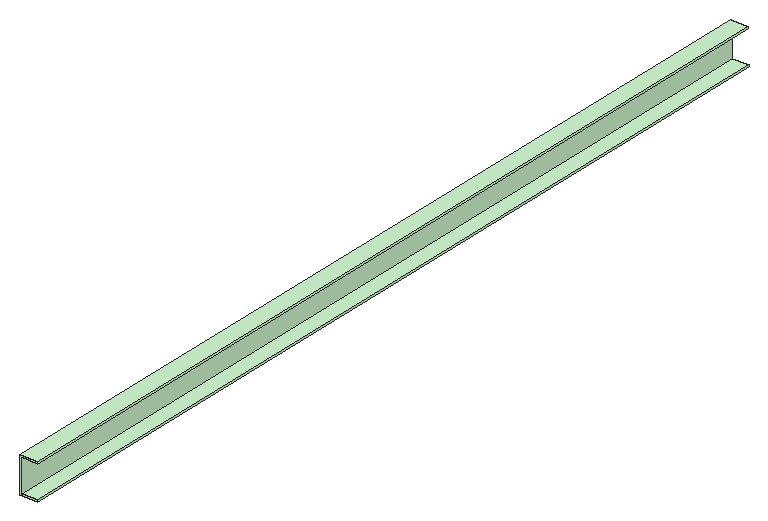
Revit family "C40×20チャンネル", category 機械設備, Revit 2020
Family settings
  丸型コネクタ寸法 = 直径を使用
  種別 = なし
  パーツ タイプ = 標準
  作業面ベース = いいえ
  常に垂直 = はい
  ロード時にボイドで切り取り = いいえ
  共有 = いいえ
  部屋計算ポイント = いいえ
Parameters
  製造元 = "株式会社桐井製作所"
  既定の高さ = 0 mm
  URL = "https://www.kirii.co.jp/"
  K_長さ(mm) [instance] = 1000 mm
  K_材質 = "SGCC一般用　SGC340~570　SGHC一般用　SGH340~570高強度一般用"
  K_断面積A(mm2) = 119.5
  K_断面係数Zy(mm3) = 325.8
  K_断面係数Zx(mm3) = 1448
  K_断面2次半径iy(mm) = 6.2
  K_断面2次半径ix(mm) = 15.6
  K_断面2次モーメントIy(mm4) = 4647
  K_断面2次モーメントIx(mm4) = 28970
  K_外形寸法(mm) = "40×20×1.6"
  K_品名 = "C40×20チャンネル"
  K_名称 = "一般野縁受け"
  K_単位質量(kg/m) = 0.952
  K_ヤング係数E(N/mm2) = 205000
  K_バージョン情報 = "20210714"
  K_めっき付着量 = "Z12"
  K_JIS規格 = "JIS G 3302"
Reference planes
  plane 1 "中心(正面/背面)": y = 0
  plane 2: z = 0
  plane 3 "中心(左/右)": x = 0
  plane 4: y = 1000
  plane 5: z = 40
Forms (mm)
  Extrusion 1, solid
    sketch origin (12, 0, 0) x (1, 0, 0) y (0, 0, 1)
      loop
        line (8, 40) -> (-12, 40) -> (-12, 0) -> (8, 0) -> (8, 1.6) -> (-10.4, 1.6) -> (-10.4, 38.4) -> (8, 38.4) -> (8, 40)
    from 0 to -1000
Dimensions and locks
  "K_長さ(mm)": plane 1 "中心(正面/背面)" to plane 4
  aligned and locked: level to plane 2
  aligned and locked: Extrusion 1 to plane 4
Automatic sketch dimensions
  Extrusion 1 sketch curve to plane 3 "中心(左/右)" = 0 mm
  Extrusion 1 sketch curve to plane 5 = 0 mm
  Extrusion 1 sketch curve to level = 0 mm
  level to Extrusion 1 sketch curve = 1.6 mm
  plane 3 "中心(左/右)" to Extrusion 1 sketch curve = 1.6 mm
  Extrusion 1 sketch curve to Extrusion 1 sketch curve = 1.6 mm
  Extrusion 1 sketch curve to Extrusion 1 sketch curve = 18.4 mm  (x2)
